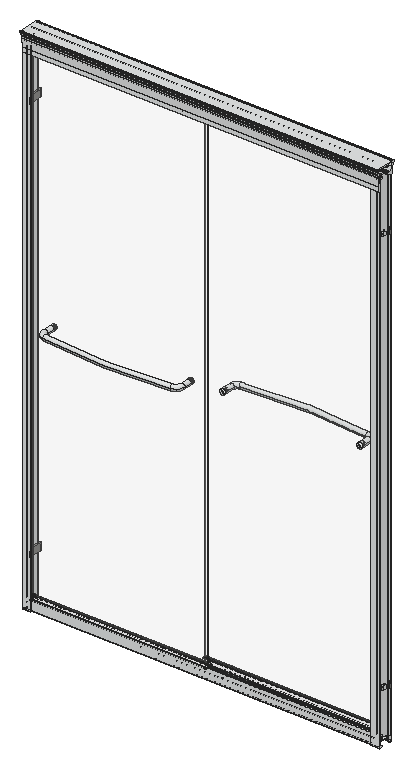
Revit family "Shower-Shower_Door-KOHLER-Fluence-K-702221", category Specialty Equipment, host Face, Revit 2021
Family settings
  Host = Face
  Round Connector Dimension = Use Diameter
  Part Type = Normal
  OmniClass Number = 23.31.17.17
  OmniClass Title = Shower Enclosures
  Cut with Voids When Loaded = No
  Shared = No
  Room Calculation Point = No
Parameters (values of type "SHP-Bright Polished Silver")
  Width [instance] = Walk thru + 27 107/128"  # 52 1/128"
  WaterSense Certified = 1 = 0  # no
  Walk thru [instance] = 24 11/64"
  URL = "https://www.us.kohler.com/us/"
  Type = 1
  Product Page URL = "https://www.us.kohler.com/us/catalog/productDetails.jsp?productId=702221-6L"
  Product Name = "Fluence"  # constant formula
  Product Documentation Link = "https://www.us.kohler.com/webassets/kpna/catalog/pdf/en/K-702221-6L_spec_US-CA_Kohler_en.pdf"
  Model = "K-702221-6L-SHP"  # constant formula
  Material = "Premium Metal Construction"  # constant formula
  Master Format 2014 Name = "Shower Doors"  # constant formula
  Master Format 2014 = "10 28 19.16"  # constant formula
  Manufacturer Address = "444 Highland Dr, Kohler, WI 53044"  # constant formula
  Manufacturer = "Kohler Co."  # constant formula
  Length = 7.24409"  # constant formula
  Height = 75 23/32"  # constant formula
  Hardware Included = 1 = 1  # yes
  Finish = Kohler-Metal-SHP-Bright_Polished_Silver
  Environmental Product Declaration = ""
  Description = "49-52 Inch W x 75-23/32 Inch H Sliding Bath Door With 1/4 Inch Thick Crystal Clear Glass"  # constant formula
  Default Elevation = 4"
  Declare Label = ""
  Date Modified = "08/21/2022"  # constant formula
  Date Created = "08/21/2022"  # constant formula
  Copyright = "Copyright Kohler Co."  # constant formula
  Contact Us = "https://www.us.kohler.com/us/static/contact.jsp"
  Assembly Code = "C1030200"
  ADA Compliant = 1 = 0  # no
Reference planes (in)
  plane 1 "Center (Front/Back)": y = 1.56652
  plane 2: z = 0
  plane 3 "Center (Left/Right)": x = 0
  plane 4: y = 5.18105
  plane 5: y = -2.06305
  plane 6: x = 19.27256
  plane 7: x = -32.73525
  plane 8: x = -6.10399
  plane 9: z = 75.71875
  plane 10: z = 72.72761
  plane 11: z = 37.69801
  plane 12: z = 1.63095
  plane 13: z = 37.32299
  plane 14: x = 18.06788
  plane 15: x = -8.55077
  plane 16: x = -29.30073
  plane 17: x = 15.45519
  plane 18: x = -4.54481
  plane 19: z = 38.07303
  plane 20: y = 3.134
  plane 21: y = 0
  plane 22: z = 66.75096
  plane 23: z = 7.5
  plane 24: z = 74.69994
Dimensions and locks (in)
  plane 5 to plane 4 = 7.24409"
  "Width": plane 6 to plane 7
  locked: plane 8 to plane 7 at 26.63125
  "Walk thru": plane 14 to plane 8
  locked: plane 7 to plane 3 "Center (Left/Right)" at 32.73525
  plane 6 to plane 14 = 1.20468"
  locked: plane 3 "Center (Left/Right)" to plane 8 at 6.10399
  locked: plane 17 to plane 6 at 3.81737
  locked: plane 18 to plane 17 at 20
  plane 16 to plane 15 = 20.74996"
  "Height": plane 9 to level
  "Length": plane 5 to plane 4
  plane 10 to plane 12 = 71.09665"
  plane 19 to plane 13 = 0.75004"
  plane 13 to level = 37.32299"
  aligned and locked: plane 2 to host face
  aligned and locked: level to host face
  aligned and locked: plane 7 to nested 1
  aligned and locked: plane 6 to nested 1
Automatic sketch dimensions
  host sketch curve to host sketch curve = 96"  (x2)
Nested families (in)
  nested 1: "K-702221" at (-2.20325, 0, 0), type "K-702221"
Definition of nested family "K-702221"
  Parameters (values of type "K-702221")
    Width = Walk Thru + 27.83465"  # 52.00787"
    Walk Thru = 24.17323"
    Material = none
    Default Elevation = 0"
  Reference planes (in)
    plane 1 "Center (Front/Back)": y = 0
    plane 2: z = 0
    plane 3 "Center (Left/Right)": x = 0
    plane 4: x = 21.47587
    plane 5: x = -30.532
    plane 6: y = 1.56652
    plane 7: y = -2.05628
    plane 8: x = 20.56887
    plane 9: y = 3.134
    plane 10: x = 20.99337
    plane 11: z = 1.63095
    plane 12: z = 37.69801
    plane 13: z = 38.07303
    plane 14: z = 37.325
    plane 15 "WALK THRU PLANE": x = -3.90075
    plane 16 "WTP1": x = 20.27248
    plane 17 "FH2": x = -26.7225
    plane 18 "FH1": x = -6.7225
    plane 19: x = -16.7225
    plane 20: y = 5.18105
    plane 21 "M1": x = -5.248
    plane 22: y = 2.15619
    plane 23: y = 1.92619
    plane 24: y = 1.20781
    plane 25: y = 0.97781
    plane 26 "M2": x = -2.3415
    plane 27: x = 17.6585
    plane 28: x = 17.4985
    plane 29 "M3": x = -2.1815
    plane 30: x = 7.65652
    plane 31: x = -6.34752
    plane 32: x = -27.09748
    plane 33: z = 7.5
    plane 34: z = 74.69901
    plane 35: z = 75.71747
    plane 36: z = 66.75003
  Forms (in)
    Extrusion 1, solid, material <- "Material", detail levels medium+fine
      sketch origin (29.093, 2.565, 0) x (0, 1, 0) y (0, 0, 1)
        loop
          line (-0.09022, 0.5137) -> (-0.22807, 0.5137)
          arc (-0.22807, 0.5137) -> (-0.25057, 0.4912) -> (-0.22807, 0.4687) r 0.0225
          line (-0.22807, 0.4687) -> (-0.06534, 0.4687)
          arc (-0.06534, 0.4687) -> (-0.05096, 0.46275) -> (-0.045, 0.44836) r 0.02034
          line (-0.045, 0.44836) -> (-0.045, 0.02241)
          arc (-0.045, 0.02241) -> (-0.0225, -0.00009) -> (0, 0.02241) r 0.0225
          line (0, 0.02241) -> (0, 0.53036) -> (-0.02, 0.565) -> (0, 0.59964) -> (0, 0.6346)
          arc (0, 0.6346) -> (-0.02337, 0.69243) -> (-0.08035, 0.71781) r 0.08326
          line (-0.08035, 0.71781) -> (-1.58747, 0.77044)
          arc (-1.58747, 0.77044) -> (-1.60203, 0.77692) -> (-1.608, 0.7917) r 0.02127
          line (-1.608, 0.7917) -> (-1.608, 0.88625)
          arc (-1.608, 0.88625) -> (-1.60222, 0.90022) -> (-1.58825, 0.906) r 0.01975
          line (-1.58825, 0.906) -> (-1.53212, 0.906)
          arc (-1.53212, 0.906) -> (-1.51817, 0.91194) -> (-1.51279, 0.92611) r 0.01935
          line (-1.51279, 0.92611) -> (-1.53698, 1.5443)
          arc (-1.53698, 1.5443) -> (-1.55307, 1.58284) -> (-1.59045, 1.60147) r 0.05985
          line (-1.59045, 1.60147) -> (-1.86846, 1.63103)
          arc (-1.86846, 1.63103) -> (-1.91436, 1.61616) -> (-1.934, 1.57209) r 0.05927
          line (-1.934, 1.57209) -> (-1.934, 0.01987)
          arc (-1.934, 0.01987) -> (-1.92818, 0.00582) -> (-1.91413, 0) r 0.01987
          line (-1.91413, 0) -> (-1.86764, 0)
          arc (-1.86764, 0) -> (-1.85362, 0.00828) -> (-1.85411, 0.02454) r 0.016
          arc (-1.85411, 0.02454) -> (-1.86729, 0.04224) -> (-1.88302, 0.05771) r 0.14406
          arc (-1.88302, 0.05771) -> (-1.8878, 0.0779) -> (-1.86988, 0.08836) r 0.01743
          arc (-1.86988, 0.08836) -> (-1.82545, 0.07962) -> (-1.78313, 0.06353) r 0.26803
          arc (-1.78313, 0.06353) -> (-1.74156, 0.07912) -> (-1.69803, 0.08787) r 0.27692
          arc (-1.69803, 0.08787) -> (-1.68058, 0.07794) -> (-1.68489, 0.05834) r 0.01692
          arc (-1.68489, 0.05834) -> (-1.70097, 0.0415) -> (-1.71379, 0.02207) r 0.13018
          arc (-1.71379, 0.02207) -> (-1.71346, 0.0073) -> (-1.7006, 0) r 0.01498
          line (-1.7006, 0) -> (-1.65471, 0)
          arc (-1.65471, 0) -> (-1.64006, 0.00606) -> (-1.634, 0.02071) r 0.02071
          line (-1.634, 0.02071) -> (-1.634, 0.08606)
          arc (-1.634, 0.08606) -> (-1.65237, 0.12719) -> (-1.69526, 0.14096) r 0.05523
          arc (-1.69526, 0.14096) -> (-1.74073, 0.13181) -> (-1.78385, 0.11476) r 0.26071
          arc (-1.78385, 0.11476) -> (-1.82519, 0.1319) -> (-1.86875, 0.14215) r 0.27697
          arc (-1.86875, 0.14215) -> (-1.88324, 0.15018) -> (-1.889, 0.16571) r 0.02382
          line (-1.889, 0.16571) -> (-1.889, 1.55999)
          arc (-1.889, 1.55999) -> (-1.88066, 1.57869) -> (-1.86118, 1.585) r 0.02516
          line (-1.86118, 1.585) -> (-1.60441, 1.5577)
          arc (-1.60441, 1.5577) -> (-1.58845, 1.54975) -> (-1.58158, 1.5333) r 0.02555
          line (-1.58158, 1.5333) -> (-1.5598, 0.9768)
          arc (-1.5598, 0.9768) -> (-1.568, 0.95699) -> (-1.58837, 0.95031) r 0.02565
          arc (-1.58837, 0.95031) -> (-1.6336, 0.93599) -> (-1.653, 0.8927) r 0.05799
          line (-1.653, 0.8927) -> (-1.653, 0.79158)
          arc (-1.653, 0.79158) -> (-1.63443, 0.74563) -> (-1.58916, 0.72547) r 0.06615
          line (-1.58916, 0.72547) -> (-0.27166, 0.67946)
          arc (-0.27166, 0.67946) -> (-0.25085, 0.6677) -> (-0.24852, 0.64391) r 0.02591
          arc (-0.24852, 0.64391) -> (-0.24647, 0.62474) -> (-0.22944, 0.6157) r 0.02056
          line (-0.22944, 0.6157) -> (-0.0898, 0.6157)
          arc (-0.0898, 0.6157) -> (-0.0758, 0.6099) -> (-0.07, 0.5959) r 0.0198
          line (-0.07, 0.5959) -> (-0.07, 0.53392)
          arc (-0.07, 0.53392) -> (-0.07592, 0.51963) -> (-0.09022, 0.5137) r 0.02022
      from -59.625 to -7.61713
    Extrusion 2, void
      sketch origin (0, 0, 0) x (0, 1, 0) y (0, 0, 1)
        loop
          line (1.00655, 1.63166) -> (0.58649, 1.66896) -> (0.58649, -0.19685) -> (2.5527, -0.19685) -> (2.5527, 0.74642) -> (1.14238, 0.79512)
          arc (1.14238, 0.79512) -> (1.10316, 0.81216) -> (1.0861, 0.85138) r 0.05833
          line (1.0861, 0.85138) -> (1.06084, 1.57438)
          arc (1.06084, 1.57438) -> (1.04453, 1.61329) -> (1.00655, 1.63166) r 0.0596
      from 20.27248 to 21.47587
    Extrusion 3, solid, material <- "Material", detail levels medium+fine
      sketch origin (0, 0, 0) x (1, 0, 0) y (0, 1, 0)
        loop
          line (-30.532, 2.615) -> (-30.532, 2.565) -> (-30.06986, 2.565)
          arc (-30.06986, 2.565) -> (-30.05582, 2.55918) -> (-30.05, 2.54514) r 0.01986
          line (-30.05, 2.54514) -> (-30.05, 0.60711)
          arc (-30.05, 0.60711) -> (-30.0562, 0.5922) -> (-30.07114, 0.58608) r 0.02103
          arc (-30.07114, 0.58608) -> (-30.30165, 0.58407) -> (-30.532, 0.57549) r 8.08435
          line (-30.532, 0.57549) -> (-30.532, 0.52591)
          arc (-30.532, 0.52591) -> (-29.94328, 0.53519) -> (-29.35471, 0.51888) r 13.54177
          arc (-29.35471, 0.51888) -> (-29.32915, 0.54196) -> (-29.35215, 0.5676) r 0.0244
          arc (-29.35215, 0.5676) -> (-29.66551, 0.58093) -> (-29.97912, 0.58597) r 11.87416
          arc (-29.97912, 0.58597) -> (-29.99389, 0.59213) -> (-30, 0.60691) r 0.02094
          line (-30, 0.60691) -> (-30, 2.573)
          arc (-30, 2.573) -> (-30.0123, 2.6027) -> (-30.042, 2.615) r 0.042
          line (-30.042, 2.615) -> (-30.532, 2.615)
      from 0 to 74.25003
    Extrusion 4, solid, material <- "Material", detail levels medium+fine
      sketch origin (0, 0, 27.55654) x (0, 1, 0) y (0, 0, 1)
        loop
          line (2.03453, 48.05856) -> (2.99224, 48.05856)
          arc (2.99224, 48.05856) -> (3.00657, 48.04968) -> (3.00499, 48.03289) r 0.016
          arc (3.00499, 48.03289) -> (2.87918, 47.82721) -> (2.7966, 47.60069) r 1.211
          arc (2.7966, 47.60069) -> (2.71637, 47.23517) -> (2.66101, 46.86508) r 5.54
          arc (2.66101, 46.86508) -> (2.65362, 46.85085) -> (2.63863, 46.84514) r 0.02252
          line (2.63863, 46.84514) -> (2.48969, 46.84514)
          arc (2.48969, 46.84514) -> (2.47471, 46.83893) -> (2.4685, 46.82394) r 0.02119
          line (2.4685, 46.82394) -> (2.4685, 46.78176)
          arc (2.4685, 46.78176) -> (2.40117, 46.76059) -> (2.33201, 46.74649) r 0.68162
          arc (2.33201, 46.74649) -> (2.26784, 46.75684) -> (2.20551, 46.7753) r 0.50723
          arc (2.20551, 46.7753) -> (2.19317, 46.78482) -> (2.1885, 46.79968) r 0.02597
          line (2.1885, 46.79968) -> (2.1885, 46.8954)
          arc (2.1885, 46.8954) -> (2.16043, 46.89503) -> (2.1465, 46.87066) r 0.02829
          line (2.1465, 46.87066) -> (2.1465, 46.80061)
          arc (2.1465, 46.80061) -> (2.15528, 46.76573) -> (2.17952, 46.73916) r 0.07368
          arc (2.17952, 46.73916) -> (2.25361, 46.70466) -> (2.33455, 46.69339) r 0.27578
          arc (2.33455, 46.69339) -> (2.43391, 46.71303) -> (2.51946, 46.76724) r 0.27556
          arc (2.51946, 46.76724) -> (2.53463, 46.7768) -> (2.55224, 46.78014) r 0.04811
          line (2.55224, 46.78014) -> (2.62922, 46.78014)
          arc (2.62922, 46.78014) -> (2.64424, 46.77359) -> (2.64968, 46.75812) r 0.02051
          arc (2.64968, 46.75812) -> (2.62367, 46.28445) -> (2.615, 45.81014) r 12.97575
          line (2.615, 45.81014) -> (2.615, 45.17014) -> (2.68, 45.17014) -> (2.68, 45.81014)
          arc (2.68, 45.81014) -> (2.69845, 46.41298) -> (2.75373, 47.01356) r 9.85743
          arc (2.75373, 47.01356) -> (2.77708, 47.16967) -> (2.80851, 47.32435) r 3.03223
          arc (2.80851, 47.32435) -> (2.83126, 47.43397) -> (2.85309, 47.54378) r 13.47898
          arc (2.85309, 47.54378) -> (2.89321, 47.68946) -> (2.95509, 47.82733) r 0.98771
          arc (2.95509, 47.82733) -> (2.99248, 47.89297) -> (3.03239, 47.95711) r 1.95097
          arc (3.03239, 47.95711) -> (3.04978, 47.98297) -> (3.06801, 48.00825) r 0.95804
          arc (3.06801, 48.00825) -> (3.09308, 48.03929) -> (3.12047, 48.0683) r 0.51768
          arc (3.12047, 48.0683) -> (3.13048, 48.08305) -> (3.134, 48.10052) r 0.04512
          line (3.134, 48.10052) -> (3.134, 48.13206)
          arc (3.134, 48.13206) -> (3.11557, 48.15677) -> (3.08477, 48.15807) r 0.03588
          arc (3.08477, 48.15807) -> (3.01387, 48.13601) -> (2.94, 48.12856) r 0.36985
          line (2.94, 48.12856) -> (0.194, 48.12856)
          arc (0.194, 48.12856) -> (0.12013, 48.13601) -> (0.04923, 48.15807) r 0.36985
          arc (0.04923, 48.15807) -> (0.01843, 48.15677) -> (0, 48.13206) r 0.03588
          line (0, 48.13206) -> (0, 48.10052)
          arc (0, 48.10052) -> (0.00352, 48.08305) -> (0.01353, 48.0683) r 0.04512
          arc (0.01353, 48.0683) -> (0.04092, 48.03929) -> (0.06599, 48.00825) r 0.51768
          arc (0.06599, 48.00825) -> (0.08422, 47.98297) -> (0.10161, 47.95711) r 0.95804
          arc (0.10161, 47.95711) -> (0.14152, 47.89297) -> (0.17891, 47.82733) r 1.95097
          arc (0.17891, 47.82733) -> (0.24079, 47.68946) -> (0.28091, 47.54378) r 0.98771
          arc (0.28091, 47.54378) -> (0.30274, 47.43397) -> (0.32549, 47.32435) r 13.47898
          arc (0.32549, 47.32435) -> (0.35692, 47.16967) -> (0.38027, 47.01356) r 3.03223
          arc (0.38027, 47.01356) -> (0.43555, 46.41298) -> (0.454, 45.81014) r 9.85743
          line (0.454, 45.81014) -> (0.454, 45.17014) -> (0.519, 45.17014) -> (0.519, 45.81014)
          arc (0.519, 45.81014) -> (0.51033, 46.28445) -> (0.48432, 46.75812) r 12.97575
          arc (0.48432, 46.75812) -> (0.48976, 46.77359) -> (0.50478, 46.78014) r 0.02051
          line (0.50478, 46.78014) -> (0.58176, 46.78014)
          arc (0.58176, 46.78014) -> (0.59937, 46.7768) -> (0.61454, 46.76724) r 0.04811
          arc (0.61454, 46.76724) -> (0.70009, 46.71303) -> (0.79945, 46.69339) r 0.27556
          arc (0.79945, 46.69339) -> (0.88039, 46.70466) -> (0.95448, 46.73916) r 0.27578
          arc (0.95448, 46.73916) -> (0.97872, 46.76573) -> (0.9875, 46.80061) r 0.07368
          line (0.9875, 46.80061) -> (0.9875, 46.87066)
          arc (0.9875, 46.87066) -> (0.97357, 46.89503) -> (0.9455, 46.8954) r 0.02829
          line (0.9455, 46.8954) -> (0.9455, 46.79968)
          arc (0.9455, 46.79968) -> (0.94083, 46.78482) -> (0.92849, 46.7753) r 0.02597
          arc (0.92849, 46.7753) -> (0.86616, 46.75684) -> (0.80199, 46.74649) r 0.50723
          arc (0.80199, 46.74649) -> (0.73283, 46.76059) -> (0.6655, 46.78176) r 0.68162
          line (0.6655, 46.78176) -> (0.6655, 46.82394)
          arc (0.6655, 46.82394) -> (0.65929, 46.83893) -> (0.64431, 46.84514) r 0.02119
          line (0.64431, 46.84514) -> (0.49537, 46.84514)
          arc (0.49537, 46.84514) -> (0.48038, 46.85085) -> (0.47299, 46.86508) r 0.02252
          arc (0.47299, 46.86508) -> (0.41763, 47.23517) -> (0.3374, 47.60069) r 5.54
          arc (0.3374, 47.60069) -> (0.25482, 47.82721) -> (0.12901, 48.03289) r 1.211
          arc (0.12901, 48.03289) -> (0.12743, 48.04968) -> (0.14176, 48.05856) r 0.016
          line (0.14176, 48.05856) -> (1.09947, 48.05856) -> (1.09947, 47.84659)
          arc (1.09947, 47.84659) -> (1.09611, 47.83144) -> (1.08667, 47.81913) r 0.03584
          line (1.08667, 47.81913) -> (1.0005, 47.74683) -> (1.0005, 47.68156) -> (1.14947, 47.80656) -> (1.14947, 48.05856) -> (1.98453, 48.05856) -> (1.98453, 47.80656) -> (2.1335, 47.68156) -> (2.1335, 47.74683) -> (2.04972, 47.81713)
          arc (2.04972, 47.81713) -> (2.03851, 47.83173) -> (2.03453, 47.8497) r 0.04252
          line (2.03453, 47.8497) -> (2.03453, 48.05856)
      from -30.532 to 21.47587
    Extrusion 5, solid, material <- "Material", detail levels medium+fine
      sketch origin (17.4985, 2.44719, 65.68793) x (0, 1, 0) y (0, 0, 1)
        loop
          line (-0.18, 7.23465) -> (-0.18, 8.27401)
          arc (-0.18, 8.27401) -> (-0.218, 8.3699) -> (-0.31136, 8.41374) r 0.14
          arc (-0.31136, 8.41374) -> (-0.35304, 8.43331) -> (-0.37, 8.47612) r 0.0625
          line (-0.37, 8.47612) -> (-0.37, 9.25601)
          arc (-0.37, 9.25601) -> (-0.41, 9.29601) -> (-0.45, 9.25601) r 0.04
          line (-0.45, 9.25601) -> (-0.45, 8.47612)
          arc (-0.45, 8.47612) -> (-0.46696, 8.43331) -> (-0.50864, 8.41374) r 0.0625
          arc (-0.50864, 8.41374) -> (-0.602, 8.3699) -> (-0.64, 8.27401) r 0.14
          line (-0.64, 8.27401) -> (-0.64, 7.23513)
          arc (-0.64, 7.23513) -> (-0.63399, 7.22013) -> (-0.61928, 7.21345) r 0.02171
          arc (-0.61928, 7.21345) -> (-0.59514, 7.22249) -> (-0.585, 7.2462) r 0.03279
          line (-0.585, 7.2462) -> (-0.545, 7.2462) -> (-0.545, 8.27409)
          arc (-0.545, 8.27409) -> (-0.51867, 8.33767) -> (-0.45509, 8.36401) r 0.08991
          line (-0.45509, 8.36401) -> (-0.37573, 8.36401)
          arc (-0.37573, 8.36401) -> (-0.31582, 8.33919) -> (-0.291, 8.27928) r 0.08473
          line (-0.291, 8.27928) -> (-0.291, 7.2462) -> (-0.235, 7.2462)
          arc (-0.235, 7.2462) -> (-0.22436, 7.22202) -> (-0.19933, 7.21354) r 0.03279
          arc (-0.19933, 7.21354) -> (-0.18556, 7.22034) -> (-0.18, 7.23465) r 0.02119
      from 0.625 to -0.625
    Extrusion 6, solid, material <- "Material", detail levels medium+fine
      sketch origin (-26.5625, 0.91681, 65.68793) x (0, 1, 0) y (0, 0, 1)
        loop
          arc (-0.05096, 7.23465) -> (-0.04539, 7.22034) -> (-0.03162, 7.21354) r 0.02119
          arc (-0.03162, 7.21354) -> (-0.0066, 7.22202) -> (0.00404, 7.2462) r 0.03279
          line (0.00404, 7.2462) -> (0.06004, 7.2462) -> (0.06004, 8.27928)
          arc (0.06004, 8.27928) -> (0.08486, 8.33919) -> (0.14477, 8.36401) r 0.08473
          line (0.14477, 8.36401) -> (0.22413, 8.36401)
          arc (0.22413, 8.36401) -> (0.28771, 8.33767) -> (0.31404, 8.27409) r 0.08991
          line (0.31404, 8.27409) -> (0.31404, 7.2462) -> (0.35404, 7.2462)
          arc (0.35404, 7.2462) -> (0.36418, 7.22249) -> (0.38832, 7.21345) r 0.03279
          arc (0.38832, 7.21345) -> (0.40303, 7.22013) -> (0.40904, 7.23513) r 0.02171
          line (0.40904, 7.23513) -> (0.40904, 8.27401)
          arc (0.40904, 8.27401) -> (0.37105, 8.3699) -> (0.27768, 8.41374) r 0.14
          arc (0.27768, 8.41374) -> (0.236, 8.43331) -> (0.21904, 8.47612) r 0.0625
          line (0.21904, 8.47612) -> (0.21904, 9.25601)
          arc (0.21904, 9.25601) -> (0.17904, 9.29601) -> (0.13904, 9.25601) r 0.04
          line (0.13904, 9.25601) -> (0.13904, 8.47612)
          arc (0.13904, 8.47612) -> (0.12208, 8.43331) -> (0.0804, 8.41374) r 0.0625
          arc (0.0804, 8.41374) -> (-0.01296, 8.3699) -> (-0.05096, 8.27401) r 0.14
          line (-0.05096, 8.27401) -> (-0.05096, 7.23465)
      from -0.625 to 0.625
    Revolve 7, solid, material <- "Material", detail levels medium+fine
      sketch origin (-26.5625, 0.91681, 65.68793) x (0, 1, 0) y (0, 0, 1)
        loop
          line (0.12505, 9.2303) -> (0.015, 9.2303) -> (0.015, 9.35664) -> (-0.01506, 9.3867) -> (-0.20491, 9.3867) -> (-0.235, 9.35661) -> (-0.235, 9.01108) -> (0.14906, 9.01108) -> (0.14906, 9.20629) -> (0.12505, 9.2303)
        axis (0.14906, 9.01108) -> (-0.235, 9.01108)
      angle from 0 to 360
    Revolve 8, solid, material <- "Material", detail levels medium+fine
      sketch origin (17.4985, 2.44719, 65.68793) x (0, 1, 0) y (0, 0, 1)
        loop
          line (-0.35601, 9.2303) -> (-0.38002, 9.20629) -> (-0.38002, 9.01108) -> (0.00404, 9.01108) -> (0.00404, 9.35661) -> (-0.02605, 9.3867) -> (-0.2159, 9.3867) -> (-0.24596, 9.35664) -> (-0.24596, 9.2303) -> (-0.35601, 9.2303)
        axis (-0.38002, 9.01108) -> (0.00404, 9.01108)
      angle from 0 to 360
    Extrusion 9, solid
      sketch origin (0, 0, 0) x (1, 0, 0) y (0, 1, 0)
        loop
          spline (-29.52603, 1.20781) -> (-29.53134, 1.20017) -> (-29.53629, 1.19205) -> (-29.54087, 1.18348) -> (-29.54505, 1.17449) -> (-29.54882, 1.16514) -> (-29.55217, 1.15545) -> (-29.55507, 1.14547) -> (-29.55751, 1.13524) -> (-29.55949, 1.12481) -> (-29.561, 1.11422) -> (-29.56202, 1.10352) -> (-29.56256, 1.09275)
          spline (-29.56256, 1.09275) -> (-29.56215, 1.08199) -> (-29.56123, 1.0713) -> (-29.55981, 1.06072) -> (-29.55788, 1.0503) -> (-29.55547, 1.04009) -> (-29.55258, 1.03012) -> (-29.54923, 1.02044) -> (-29.54542, 1.01109) -> (-29.54118, 1.00212) -> (-29.53652, 0.99355) -> (-29.53146, 0.98544) -> (-29.52603, 0.97781)
          line (-29.52603, 0.97781) -> (-3.93768, 0.97781)
          spline (-3.93768, 0.97781) -> (-3.92686, 0.99334) -> (-3.91771, 1.01081) -> (-3.91039, 1.02987) -> (-3.90507, 1.05016) -> (-3.90183, 1.07128) -> (-3.90075, 1.09281) -> (-3.90183, 1.11434) -> (-3.90507, 1.13546) -> (-3.9104, 1.15574) -> (-3.91771, 1.1748) -> (-3.92686, 1.19227) -> (-3.93768, 1.20781)
          line (-3.93768, 1.20781) -> (-29.52603, 1.20781)
      from 1.38601 to 74.01201
    Extrusion 10, solid
      sketch origin (0, 0, 0) x (0, 1, 0) y (0, 0, 1)
        loop
          line (1.82555, 1.89817) -> (1.54335, 1.44917)
          arc (1.54335, 1.44917) -> (1.55121, 1.4147) -> (1.58568, 1.42257) r 0.025
          line (1.58568, 1.42257) -> (1.858, 1.85583)
          arc (1.858, 1.85583) -> (1.87293, 1.86129) -> (1.88195, 1.8482) r 0.01298
          line (1.88195, 1.8482) -> (1.85669, 1.39636)
          arc (1.85669, 1.39636) -> (1.87223, 1.35389) -> (1.91377, 1.33601) r 0.05717
          line (1.91377, 1.33601) -> (2.16947, 1.33601)
          arc (2.16947, 1.33601) -> (2.21042, 1.35364) -> (2.22574, 1.39551) r 0.05636
          line (2.22574, 1.39551) -> (2.20098, 1.83834)
          arc (2.20098, 1.83834) -> (2.21177, 1.854) -> (2.22964, 1.84747) r 0.01553
          line (2.22964, 1.84747) -> (2.49731, 1.4216)
          arc (2.49731, 1.4216) -> (2.53178, 1.41374) -> (2.53964, 1.44821) r 0.025
          line (2.53964, 1.44821) -> (2.25616, 1.89924)
          arc (2.25616, 1.89924) -> (2.1896, 1.92358) -> (2.1494, 1.86522) r 0.05786
          line (2.1494, 1.86522) -> (2.15143, 1.82892)
          arc (2.15143, 1.82892) -> (2.13228, 1.80782) -> (2.15366, 1.78898) r 0.02
          line (2.15366, 1.78898) -> (2.15757, 1.71909)
          arc (2.15757, 1.71909) -> (2.13871, 1.69801) -> (2.1598, 1.67915) r 0.02
          line (2.1598, 1.67915) -> (2.16371, 1.60926)
          arc (2.16371, 1.60926) -> (2.14508, 1.58819) -> (2.16594, 1.56933) r 0.02
          line (2.16594, 1.56933) -> (2.17505, 1.40639)
          arc (2.17505, 1.40639) -> (2.1698, 1.39205) -> (2.15578, 1.38601) r 0.0193
          line (2.15578, 1.38601) -> (1.92695, 1.38601)
          arc (1.92695, 1.38601) -> (1.91269, 1.39215) -> (1.90735, 1.40673) r 0.01963
          line (1.90735, 1.40673) -> (1.91644, 1.56933)
          arc (1.91644, 1.56933) -> (1.93809, 1.58815) -> (1.91867, 1.60926) r 0.02001
          line (1.91867, 1.60926) -> (1.92258, 1.67915)
          arc (1.92258, 1.67915) -> (1.94359, 1.69801) -> (1.92481, 1.71909) r 0.02
          line (1.92481, 1.71909) -> (1.92872, 1.78898)
          arc (1.92872, 1.78898) -> (1.9497, 1.80784) -> (1.93095, 1.82892) r 0.02
          line (1.93095, 1.82892) -> (1.93291, 1.86396)
          arc (1.93291, 1.86396) -> (1.89248, 1.92265) -> (1.82555, 1.89817) r 0.05819
      from -5.248 to 20.56887
    Extrusion 11, solid
      sketch origin (0, 0, 0) x (0, 1, 0) y (0, 0, 1)
        loop
          line (0.8773, 1.89817) -> (0.59509, 1.44917)
          arc (0.59509, 1.44917) -> (0.60296, 1.4147) -> (0.63743, 1.42257) r 0.025
          line (0.63743, 1.42257) -> (0.90974, 1.85583)
          arc (0.90974, 1.85583) -> (0.92467, 1.86129) -> (0.9337, 1.8482) r 0.01298
          line (0.9337, 1.8482) -> (0.90843, 1.39636)
          arc (0.90843, 1.39636) -> (0.92398, 1.35389) -> (0.96551, 1.33601) r 0.05717
          line (0.96551, 1.33601) -> (1.22121, 1.33601)
          arc (1.22121, 1.33601) -> (1.26216, 1.35364) -> (1.27748, 1.39551) r 0.05636
          line (1.27748, 1.39551) -> (1.25272, 1.83834)
          arc (1.25272, 1.83834) -> (1.26351, 1.854) -> (1.28138, 1.84747) r 0.01553
          line (1.28138, 1.84747) -> (1.54905, 1.4216)
          arc (1.54905, 1.4216) -> (1.58352, 1.41374) -> (1.59138, 1.44821) r 0.025
          line (1.59138, 1.44821) -> (1.3079, 1.89924)
          arc (1.3079, 1.89924) -> (1.24134, 1.92358) -> (1.20114, 1.86522) r 0.05786
          line (1.20114, 1.86522) -> (1.20317, 1.82892)
          arc (1.20317, 1.82892) -> (1.18402, 1.80782) -> (1.2054, 1.78898) r 0.02
          line (1.2054, 1.78898) -> (1.20931, 1.71909)
          arc (1.20931, 1.71909) -> (1.19045, 1.69801) -> (1.21154, 1.67915) r 0.02
          line (1.21154, 1.67915) -> (1.21545, 1.60926)
          arc (1.21545, 1.60926) -> (1.19682, 1.58819) -> (1.21768, 1.56933) r 0.02
          line (1.21768, 1.56933) -> (1.22679, 1.40639)
          arc (1.22679, 1.40639) -> (1.22155, 1.39205) -> (1.20752, 1.38601) r 0.0193
          line (1.20752, 1.38601) -> (0.97869, 1.38601)
          arc (0.97869, 1.38601) -> (0.96443, 1.39215) -> (0.95909, 1.40673) r 0.01963
          line (0.95909, 1.40673) -> (0.96818, 1.56933)
          arc (0.96818, 1.56933) -> (0.98983, 1.58815) -> (0.97041, 1.60926) r 0.02001
          line (0.97041, 1.60926) -> (0.97432, 1.67915)
          arc (0.97432, 1.67915) -> (0.99533, 1.69801) -> (0.97656, 1.71909) r 0.02
          line (0.97656, 1.71909) -> (0.98046, 1.78898)
          arc (0.98046, 1.78898) -> (1.00144, 1.80784) -> (0.9827, 1.82892) r 0.02
          line (0.9827, 1.82892) -> (0.98465, 1.86396)
          arc (0.98465, 1.86396) -> (0.94423, 1.92265) -> (0.8773, 1.89817) r 0.05819
      from -29.6249 to -3.816
    Extrusion 12, solid
      sketch origin (0, 0.94838, 0) x (1, 0, 0) y (0, 1, 0)
        loop
          spline (-5.14962, 1.20781) -> (-5.15493, 1.20017) -> (-5.15988, 1.19205) -> (-5.16446, 1.18348) -> (-5.16864, 1.17449) -> (-5.17242, 1.16514) -> (-5.17576, 1.15545) -> (-5.17866, 1.14547) -> (-5.18111, 1.13524) -> (-5.18309, 1.12481) -> (-5.18459, 1.11422) -> (-5.18561, 1.10352) -> (-5.18615, 1.09275)
          spline (-5.18615, 1.09275) -> (-5.18574, 1.08199) -> (-5.18482, 1.0713) -> (-5.1834, 1.06072) -> (-5.18148, 1.0503) -> (-5.17907, 1.04009) -> (-5.17618, 1.03012) -> (-5.17282, 1.02044) -> (-5.16901, 1.01109) -> (-5.16477, 1.00212) -> (-5.16011, 0.99355) -> (-5.15505, 0.98544) -> (-5.14962, 0.97781)
          line (-5.14962, 0.97781) -> (20.46942, 0.97781)
          spline (20.46942, 0.97781) -> (20.48024, 0.99334) -> (20.48939, 1.01081) -> (20.4967, 1.02987) -> (20.50203, 1.05016) -> (20.50527, 1.07128) -> (20.50635, 1.09281) -> (20.50527, 1.11434) -> (20.50203, 1.13546) -> (20.4967, 1.15574) -> (20.48939, 1.1748) -> (20.48024, 1.19227) -> (20.46942, 1.20781)
          line (20.46942, 1.20781) -> (-5.14962, 1.20781)
      from 1.38601 to 74.01201
    Sweep 13, solid, material <- "Material"
      path origin (0, 0.23733, 37.69801) x (-1, 0, 0) y (0, -1, 0)
        loop
          line (-17.6585, -1.95117) -> (-17.6585, -3.07913)
          arc (-17.6585, -3.07913) -> (-17.44514, -3.64841) -> (-16.91018, -3.93722) r 0.86614
          arc (-16.91018, -3.93722) -> (-7.6585, -4.56942) -> (1.59317, -3.93727) r 68.01364
          arc (1.59317, -3.93727) -> (2.12814, -3.64846) -> (2.3415, -3.07918) r 0.86614
          line (2.3415, -3.07918) -> (2.3415, -1.95137)
      profile origin (-2.3415, 2.1887, 37.69801) x (1, 0, 0) y (0, 0, 1)
        loop
          circle (0, 0) r 0.37503
    Extrusion 14, solid, material <- "Material", detail levels medium+fine
      sketch origin (28.586, 1.56956, 56.562) x (1, 0, 0) y (0, 1, 0)
        loop
          line (-7.11013, 1.0395) -> (-7.60063, 1.0395)
          arc (-7.60063, 1.0395) -> (-7.63033, 1.0272) -> (-7.64263, 0.9975) r 0.042
          line (-7.64263, 0.9975) -> (-7.64263, -0.96859)
          arc (-7.64263, -0.96859) -> (-7.64874, -0.98337) -> (-7.66351, -0.98953) r 0.02094
          arc (-7.66351, -0.98953) -> (-7.97712, -0.99457) -> (-8.29048, -1.0079) r 11.87416
          arc (-8.29048, -1.0079) -> (-8.31348, -1.03354) -> (-8.28792, -1.05662) r 0.0244
          arc (-8.28792, -1.05662) -> (-7.69935, -1.04031) -> (-7.11063, -1.04959) r 13.54177
          line (-7.11063, -1.04959) -> (-7.11063, -1.00001)
          arc (-7.11063, -1.00001) -> (-7.34098, -0.99143) -> (-7.57149, -0.98942) r 8.08435
          arc (-7.57149, -0.98942) -> (-7.58643, -0.9833) -> (-7.59263, -0.96839) r 0.02103
          line (-7.59263, -0.96839) -> (-7.59263, 0.96964)
          arc (-7.59263, 0.96964) -> (-7.58681, 0.98368) -> (-7.57277, 0.9895) r 0.01986
          line (-7.57277, 0.9895) -> (-7.11013, 0.9895) -> (-7.11013, 1.0395)
      from -56.562 to 17.68803
    Extrusion 15, void
      sketch origin (-66.88633, 0.00406, 0) x (0, 1, 0) y (0, 0, 1)
        loop
          line (1.00655, 1.63166) -> (0.58855, 1.66877) -> (0.58855, -0.19685) -> (2.54039, -0.19685) -> (2.54039, 0.74685) -> (1.14238, 0.79512)
          arc (1.14238, 0.79512) -> (1.10316, 0.81216) -> (1.0861, 0.85138) r 0.05833
          line (1.0861, 0.85138) -> (1.06084, 1.57438)
          arc (1.06084, 1.57438) -> (1.04453, 1.61329) -> (1.00655, 1.63166) r 0.0596
      from 36.35433 to 37.73228
    Revolve 16, solid, material <- "Material"
      sketch origin (0, 0.23733, 37.69801) x (-1, 0, 0) y (0, -1, 0)
        loop
          line (26.9285, -1.11548) -> (26.9285, -1.02248) -> (26.7225, -1.02248) -> (26.7225, -1.33206)
          arc (26.7225, -1.33206) -> (26.81911, -1.32675) -> (26.91455, -1.3109) r 0.88222
          arc (26.91455, -1.3109) -> (26.96465, -1.29816) -> (27.01391, -1.28248) r 0.87371
          arc (27.01391, -1.28248) -> (27.07452, -1.23678) -> (27.09756, -1.16444) r 0.12511
          line (27.09756, -1.16444) -> (27.09756, -1.11548) -> (26.9285, -1.11548)
        axis (26.7225, -1.02248) -> (26.7225, -1.33206)
      angle from 0 to 360
    Extrusion 17, solid, detail levels medium+fine
      sketch origin (0, 0, 0) x (1, 0, 0) y (0, 1, 0)
        loop
          line (-29.86714, 2.80291) -> (-30.45149, 2.68382)
          arc (-30.45149, 2.68382) -> (-30.47914, 2.64627) -> (-30.44455, 2.615) r 0.03476
          line (-30.44455, 2.615) -> (-29.99032, 2.615)
          arc (-29.99032, 2.615) -> (-29.95262, 2.59938) -> (-29.937, 2.56168) r 0.05332
          line (-29.937, 2.56168) -> (-29.937, 0.62154) -> (-29.5625, 0.615) -> (-29.5625, 2.5541)
          arc (-29.5625, 2.5541) -> (-29.6558, 2.75077) -> (-29.86714, 2.80291) r 0.25393
      from 7 to 8
    Extrusion 18, solid, detail levels medium+fine
      sketch origin (0, 0, 66.72289) x (1, 0, 0) y (0, 1, 0)
        loop
          line (-29.86714, 2.80291) -> (-30.45149, 2.68382)
          arc (-30.45149, 2.68382) -> (-30.47914, 2.64627) -> (-30.44455, 2.615) r 0.03476
          line (-30.44455, 2.615) -> (-29.99032, 2.615)
          arc (-29.99032, 2.615) -> (-29.95262, 2.59938) -> (-29.937, 2.56168) r 0.05332
          line (-29.937, 2.56168) -> (-29.937, 0.62154) -> (-29.5625, 0.615) -> (-29.5625, 2.5541)
          arc (-29.5625, 2.5541) -> (-29.6558, 2.75077) -> (-29.86714, 2.80291) r 0.25393
      from -0.47462 to 0.5302
    Extrusion 19, solid, detail levels medium+fine
      sketch origin (0, 0, 66.72289) x (-1, 0, 0) y (0, -1, 0)
        loop
          arc (-20.79035, -2.80291) -> (-20.57901, -2.75077) -> (-20.4857, -2.5541) r 0.25393
          line (-20.4857, -2.5541) -> (-20.4857, -0.615) -> (-20.8602, -0.62154) -> (-20.8602, -2.56168)
          arc (-20.8602, -2.56168) -> (-20.87582, -2.59938) -> (-20.91352, -2.615) r 0.05332
          line (-20.91352, -2.615) -> (-21.36776, -2.615)
          arc (-21.36776, -2.615) -> (-21.40234, -2.64627) -> (-21.3747, -2.68382) r 0.03476
          line (-21.3747, -2.68382) -> (-20.79035, -2.80291)
      from -0.47462 to 0.5302
    Extrusion 20, solid, detail levels medium+fine
      sketch origin (0, 0, 15.97773) x (0, 1, 0) y (1, 0, 0)
        loop
          line (2.80291, 20.79035) -> (2.68382, 21.3747)
          arc (2.68382, 21.3747) -> (2.64627, 21.40234) -> (2.615, 21.36776) r 0.03476
          line (2.615, 21.36776) -> (2.615, 20.91352)
          arc (2.615, 20.91352) -> (2.59938, 20.87582) -> (2.56168, 20.8602) r 0.05332
          line (2.56168, 20.8602) -> (0.62154, 20.8602) -> (0.615, 20.4857) -> (2.5541, 20.4857)
          arc (2.5541, 20.4857) -> (2.75077, 20.57901) -> (2.80291, 20.79035) r 0.25393
      from 7.97773 to 8.97773
    Extrusion 21, solid, material <- "Material", detail levels medium+fine
      sketch origin (20.99337, 1.65731, 65.68804) x (0, 1, 0) y (0, 0, 1)
        loop
          arc (-0.2011, 1.30448) -> (-0.28823, 1.26838) -> (-0.32433, 1.18125) r 0.12323
          line (-0.32433, 1.18125) -> (-0.32433, 0.94274)
          arc (-0.32433, 0.94274) -> (-0.28823, 0.8556) -> (-0.2011, 0.81951) r 0.12323
          line (-0.2011, 0.81951) -> (0.03753, 0.81951)
          arc (0.03753, 0.81951) -> (0.12466, 0.8556) -> (0.16075, 0.94274) r 0.12323
          line (0.16075, 0.94274) -> (0.16075, 1.18122)
          arc (0.16075, 1.18122) -> (0.12465, 1.26838) -> (0.0375, 1.30448) r 0.12325
          line (0.0375, 1.30448) -> (-0.2011, 1.30448)
      from 0 to 0.41833
    Extrusion 22, solid, material <- "Material", detail levels medium+fine
      sketch origin (20.99337, 1.65731, 48) x (0, 1, 0) y (0, 0, 1)
        loop
          arc (-0.2011, -40.25752) -> (-0.28823, -40.29361) -> (-0.32433, -40.38075) r 0.12323
          line (-0.32433, -40.38075) -> (-0.32433, -40.61925)
          arc (-0.32433, -40.61925) -> (-0.28823, -40.70639) -> (-0.2011, -40.74248) r 0.12323
          line (-0.2011, -40.74248) -> (0.03753, -40.74248)
          arc (0.03753, -40.74248) -> (0.12466, -40.70639) -> (0.16075, -40.61925) r 0.12323
          line (0.16075, -40.61925) -> (0.16075, -40.38077)
          arc (0.16075, -40.38077) -> (0.12465, -40.29362) -> (0.0375, -40.25752) r 0.12325
          line (0.0375, -40.25752) -> (-0.2011, -40.25752)
      from 0 to 0.41833
    Extrusion 23, solid, material <- "Material", detail levels medium+fine
      sketch origin (-30, 1.78768, 65.68804) x (0, 1, 0) y (0, 0, 1)
        loop
          arc (-0.33146, 1.30448) -> (-0.4186, 1.26838) -> (-0.45469, 1.18125) r 0.12323
          line (-0.45469, 1.18125) -> (-0.45469, 0.94274)
          arc (-0.45469, 0.94274) -> (-0.4186, 0.8556) -> (-0.33146, 0.81951) r 0.12323
          line (-0.33146, 0.81951) -> (-0.09284, 0.81951)
          arc (-0.09284, 0.81951) -> (-0.00571, 0.8556) -> (0.03039, 0.94274) r 0.12323
          line (0.03039, 0.94274) -> (0.03039, 1.18122)
          arc (0.03039, 1.18122) -> (-0.00571, 1.26838) -> (-0.09286, 1.30448) r 0.12325
          line (-0.09286, 1.30448) -> (-0.33146, 1.30448)
      from 0 to -0.4885
    Extrusion 24, solid, material <- "Material", detail levels medium+fine
      sketch origin (-30, 1.78768, 48) x (0, 1, 0) y (0, 0, 1)
        loop
          arc (-0.33146, -40.25752) -> (-0.4186, -40.29361) -> (-0.45469, -40.38075) r 0.12323
          line (-0.45469, -40.38075) -> (-0.45469, -40.61925)
          arc (-0.45469, -40.61925) -> (-0.4186, -40.70639) -> (-0.33146, -40.74248) r 0.12323
          line (-0.33146, -40.74248) -> (-0.09284, -40.74248)
          arc (-0.09284, -40.74248) -> (-0.00571, -40.70639) -> (0.03039, -40.61925) r 0.12323
          line (0.03039, -40.61925) -> (0.03039, -40.38077)
          arc (0.03039, -40.38077) -> (-0.00571, -40.29362) -> (-0.09286, -40.25752) r 0.12325
          line (-0.09286, -40.25752) -> (-0.33146, -40.25752)
      from 0 to -0.4885
    Extrusion 25, solid, detail levels medium+fine
      sketch origin (0, 0, 0) x (0, 1, 0) y (0, 0, 1)
        loop
          line (2.43945, 0.79943) -> (2.02062, 0.81406)
          arc (2.02062, 0.81406) -> (1.97427, 0.83421) -> (1.95412, 0.88056) r 0.06895
          line (1.95412, 0.88056) -> (1.93061, 1.55384)
          arc (1.93061, 1.55384) -> (1.91287, 1.59368) -> (1.87243, 1.61003) r 0.05822
          line (1.87243, 1.61003) -> (1.76398, 1.61003)
          arc (1.76398, 1.61003) -> (1.72634, 1.59482) -> (1.70982, 1.55772) r 0.05419
          line (1.70982, 1.55772) -> (1.68665, 0.89421)
          arc (1.68665, 0.89421) -> (1.66493, 0.84654) -> (1.61586, 0.82819) r 0.06844
          line (1.61586, 0.82819) -> (1.09033, 0.84655)
          arc (1.09033, 0.84655) -> (1.06923, 0.85201) -> (1.05242, 0.86589) r 0.0503
          arc (1.05242, 0.86589) -> (1.02188, 0.88795) -> (0.98428, 0.8902) r 0.06747
          line (0.98428, 0.8902) -> (0.98082, 0.79106)
          arc (0.98082, 0.79106) -> (0.98638, 0.7762) -> (1.00081, 0.76962) r 0.02073
          line (1.00081, 0.76962) -> (2.48477, 0.7178)
          arc (2.48477, 0.7178) -> (2.5414, 0.69274) -> (2.56498, 0.63547) r 0.08311
          line (2.56498, 0.63547) -> (2.56908, 0.16565)
          arc (2.56908, 0.16565) -> (2.57523, 0.15106) -> (2.58988, 0.14503) r 0.02081
          line (2.58988, 0.14503) -> (2.65428, 0.14503) -> (2.65428, 1.54855)
          arc (2.65428, 1.54855) -> (2.59282, 1.6111) -> (2.52921, 1.55074) r 0.06255
          line (2.52921, 1.55074) -> (2.50511, 0.86067)
          arc (2.50511, 0.86067) -> (2.48496, 0.81645) -> (2.43945, 0.79943) r 0.06349
      from -2.03082 to 0.968
    Extrusion 26, solid, material <- "Material", detail levels coarse
      sketch origin (0, 0, -7.312) x (0, 1, 0) y (0, 0, 1)
        loop
          line (3.134, 83.02898) -> (-0.00096, 83.02898) -> (-0.00096, 82.96586)
          arc (-0.00096, 82.96586) -> (0.29033, 82.16467) -> (0.4319, 81.32401) r 4.69349
          line (0.4319, 81.32401) -> (2.70115, 81.32401)
          arc (2.70115, 81.32401) -> (2.84271, 82.16467) -> (3.134, 82.96586) r 4.69349
          line (3.134, 82.96586) -> (3.134, 83.02898)
        loop
          line (0.48811, 7.312) -> (2.65288, 7.312) -> (2.65288, 8.69801) -> (0.48811, 8.69801) -> (0.48811, 7.312)
      from -30.532 to 21.47587
    Extrusion 27, solid, material <- "Material", detail levels coarse
      sketch origin (0, 0, 0) x (1, 0, 0) y (0, 1, 0)
        loop
          line (-30.532, 2.62605) -> (-30.532, 0.51399) -> (-29.56628, 0.51399) -> (-29.56628, 2.62605) -> (-30.532, 2.62605)
        loop
          line (21.47587, 0.51378) -> (21.47587, 2.62605) -> (20.50582, 2.62605) -> (20.50582, 0.51378) -> (21.47587, 0.51378)
      from 1.38601 to 74.01201
    Revolve 28, solid, material <- "Material"
      sketch origin (-1.09805, 0.23579, 37.69801) x (-1, 0, 0) y (0, -1, 0)
        loop
          line (-19.13161, -1.49913) -> (-19.13161, -1.54386) -> (-18.96255, -1.54386) -> (-18.96255, -1.63686) -> (-18.75655, -1.63686) -> (-18.75655, -1.32807)
          arc (-18.75655, -1.32807) -> (-18.90278, -1.33994) -> (-19.04518, -1.37524) r 0.90662
          arc (-19.04518, -1.37524) -> (-19.09722, -1.40876) -> (-19.12701, -1.46303) r 0.12596
          arc (-19.12701, -1.46303) -> (-19.13045, -1.48093) -> (-19.13161, -1.49913) r 0.1438
        axis (-18.75655, -1.63686) -> (-18.75655, -1.32807)
      angle from 0 to 360
    Extrusion 29, solid, material <- "Material", detail levels medium+fine
      sketch origin (-2.1815, 2.44671, 53.688) x (0, -1, 0) y (0, 0, 1)
        loop
          arc (0.17952, 19.23458) -> (0.18508, 19.22026) -> (0.19885, 19.21347) r 0.02119
          arc (0.19885, 19.21347) -> (0.22388, 19.22195) -> (0.23452, 19.24613) r 0.03279
          line (0.23452, 19.24613) -> (0.29052, 19.24613) -> (0.29052, 20.2792)
          arc (0.29052, 20.2792) -> (0.31534, 20.33912) -> (0.37525, 20.36393) r 0.08473
          line (0.37525, 20.36393) -> (0.45461, 20.36393)
          arc (0.45461, 20.36393) -> (0.51819, 20.3376) -> (0.54452, 20.27402) r 0.08991
          line (0.54452, 20.27402) -> (0.54452, 19.24613) -> (0.58452, 19.24613)
          arc (0.58452, 19.24613) -> (0.59466, 19.22242) -> (0.6188, 19.21337) r 0.03279
          arc (0.6188, 19.21337) -> (0.63351, 19.22006) -> (0.63952, 19.23506) r 0.02171
          line (0.63952, 19.23506) -> (0.63952, 20.27393)
          arc (0.63952, 20.27393) -> (0.60153, 20.36982) -> (0.50816, 20.41367) r 0.14
          arc (0.50816, 20.41367) -> (0.46648, 20.43324) -> (0.44952, 20.47605) r 0.0625
          line (0.44952, 20.47605) -> (0.44952, 21.25593)
          arc (0.44952, 21.25593) -> (0.40952, 21.29593) -> (0.36952, 21.25593) r 0.04
          line (0.36952, 21.25593) -> (0.36952, 20.47605)
          arc (0.36952, 20.47605) -> (0.35256, 20.43324) -> (0.31088, 20.41367) r 0.0625
          arc (0.31088, 20.41367) -> (0.21752, 20.36982) -> (0.17952, 20.27393) r 0.14
          line (0.17952, 20.27393) -> (0.17952, 19.23458)
      from 0.62598 to -0.62598
    Revolve 30, solid, material <- "Material", detail levels medium+fine
      sketch origin (-2.1815, 2.44671, 53.688) x (0, -1, 0) y (0, 0, 1)
        loop
          line (0.35553, 21.23022) -> (0.24548, 21.23022) -> (0.24548, 21.35657) -> (0.21542, 21.38663) -> (0.02557, 21.38663) -> (-0.00452, 21.35654) -> (-0.00452, 21.01101) -> (0.37954, 21.01101) -> (0.37954, 21.20621) -> (0.35553, 21.23022)
        axis (0.37954, 21.01101) -> (-0.00452, 21.01101)
      angle from 0 to 360
    Revolve 31, solid, material <- "Material"
      sketch origin (-21.09805, 0.23733, 37.69801) x (-1, 0, 0) y (0, -1, 0)
        loop
          line (-19.13161, -1.49913) -> (-19.13161, -1.54386) -> (-18.96255, -1.54386) -> (-18.96255, -1.63686) -> (-18.75655, -1.63686) -> (-18.75655, -1.32807)
          arc (-18.75655, -1.32807) -> (-18.90278, -1.33994) -> (-19.04518, -1.37524) r 0.90662
          arc (-19.04518, -1.37524) -> (-19.09722, -1.40876) -> (-19.12701, -1.46303) r 0.12596
          arc (-19.12701, -1.46303) -> (-19.13045, -1.48093) -> (-19.13161, -1.49913) r 0.1438
        axis (-18.75655, -1.63686) -> (-18.75655, -1.32807)
      angle from 0 to 360
    Extrusion 32, solid, material <- "Material", detail levels medium+fine
      sketch origin (-6.7225, 0.91681, 65.68793) x (0, 1, 0) y (0, 0, -1)
        loop
          line (-0.05096, -7.23465) -> (-0.05096, -8.27401)
          arc (-0.05096, -8.27401) -> (-0.01296, -8.3699) -> (0.0804, -8.41374) r 0.14
          arc (0.0804, -8.41374) -> (0.12208, -8.43331) -> (0.13904, -8.47612) r 0.0625
          line (0.13904, -8.47612) -> (0.13904, -9.25601)
          arc (0.13904, -9.25601) -> (0.17904, -9.29601) -> (0.21904, -9.25601) r 0.04
          line (0.21904, -9.25601) -> (0.21904, -8.47612)
          arc (0.21904, -8.47612) -> (0.236, -8.43331) -> (0.27768, -8.41374) r 0.0625
          arc (0.27768, -8.41374) -> (0.37105, -8.3699) -> (0.40904, -8.27401) r 0.14
          line (0.40904, -8.27401) -> (0.40904, -7.23513)
          arc (0.40904, -7.23513) -> (0.40303, -7.22013) -> (0.38832, -7.21345) r 0.02171
          arc (0.38832, -7.21345) -> (0.36418, -7.22249) -> (0.35404, -7.2462) r 0.03279
          line (0.35404, -7.2462) -> (0.31404, -7.2462) -> (0.31404, -8.27409)
          arc (0.31404, -8.27409) -> (0.28771, -8.33767) -> (0.22413, -8.36401) r 0.08991
          line (0.22413, -8.36401) -> (0.14477, -8.36401)
          arc (0.14477, -8.36401) -> (0.08486, -8.33919) -> (0.06004, -8.27928) r 0.08473
          line (0.06004, -8.27928) -> (0.06004, -7.2462) -> (0.00404, -7.2462)
          arc (0.00404, -7.2462) -> (-0.0066, -7.22202) -> (-0.03162, -7.21354) r 0.03279
          arc (-0.03162, -7.21354) -> (-0.04539, -7.22034) -> (-0.05096, -7.23465) r 0.02119
      from -0.465 to 0.785
    Revolve 33, solid, material <- "Material", detail levels medium+fine
      sketch origin (-6.7225, 0.91681, 65.68793) x (0, 1, 0) y (0, 0, -1)
        loop
          line (0.12505, -9.2303) -> (0.14906, -9.20629) -> (0.14906, -9.01108) -> (-0.235, -9.01108) -> (-0.235, -9.35661) -> (-0.20491, -9.3867) -> (-0.01506, -9.3867) -> (0.015, -9.35664) -> (0.015, -9.2303) -> (0.12505, -9.2303)
        axis (0.14906, -9.01108) -> (-0.235, -9.01108)
      angle from 0 to 360
    Revolve 34, solid, material <- "Material"
      sketch origin (0, 0.23733, 37.69801) x (-1, 0, 0) y (0, -1, 0)
        loop
          line (6.5165, -1.11548) -> (6.34744, -1.11548) -> (6.34744, -1.16444)
          arc (6.34744, -1.16444) -> (6.37048, -1.23678) -> (6.43109, -1.28248) r 0.12511
          arc (6.43109, -1.28248) -> (6.48035, -1.29816) -> (6.53045, -1.3109) r 0.87371
          arc (6.53045, -1.3109) -> (6.62589, -1.32675) -> (6.7225, -1.33206) r 0.88222
          line (6.7225, -1.33206) -> (6.7225, -1.02248) -> (6.5165, -1.02248) -> (6.5165, -1.11548)
        axis (6.7225, -1.02248) -> (6.7225, -1.33206)
      angle from 0 to 360
    Sweep 35, solid, material <- "Material"
      path origin (0, 0.23733, 37.69801) x (-1, 0, 0) y (0, -1, 0)
        loop
          line (6.72233, -0.70721) -> (6.72233, 0.42093)
          arc (6.72233, 0.42093) -> (6.93568, 0.9902) -> (7.47065, 1.27902) r 0.86614
          arc (7.47065, 1.27902) -> (16.72241, 1.91122) -> (25.97418, 1.27904) r 68.01382
          arc (25.97418, 1.27904) -> (26.50914, 0.99023) -> (26.7225, 0.42095) r 0.86614
          line (26.7225, 0.42095) -> (26.7225, -0.70701)
      profile origin (-26.7225, 0.94434, 37.69801) x (-1, 0, 0) y (0, 0, 1)
        loop
          circle (0, -0.00445) r 0.37503
  Cuts and joins
    Extrusion 2, Extrusion 15 cuts Extrusion 14
    Extrusion 15 cuts Extrusion 3
    joined: Extrusion 26, Extrusion 27
  Lines and regions (in)
    Masking region 1
      outline origin (0, 0, 0) x (1, 0, 0) y (0, 0, 1)
        loop
          line (-30.532, 75.71747) -> (-30.532, 72.7267) -> (-3.90075, 72.7267) -> (-3.90075, 1.92671) -> (-29.33887, 1.92671) -> (-29.33887, -0.00009) -> (21.47587, -0.00009) -> (21.47587, 75.71747) -> (-30.532, 75.71747)
    Masking region 2
      outline origin (13.1363, 2.44719, 48) x (0, 1, 0) y (0, 0, 1)
        loop
          arc (0.4045, 27.10042) -> (0.44462, 27.2461) -> (0.5065, 27.38397) r 0.98771
          arc (0.5065, 27.38397) -> (0.54389, 27.44961) -> (0.58379, 27.51375) r 1.95097
          arc (0.58379, 27.51375) -> (0.60119, 27.53961) -> (0.61942, 27.56489) r 0.95804
          arc (0.61942, 27.56489) -> (0.64449, 27.59593) -> (0.67188, 27.62494) r 0.51768
          arc (0.67188, 27.62494) -> (0.68189, 27.63969) -> (0.68541, 27.65716) r 0.04512
          line (0.68541, 27.65716) -> (0.68541, 27.6887)
          arc (0.68541, 27.6887) -> (0.66698, 27.71342) -> (0.63617, 27.71471) r 0.03588
          arc (0.63617, 27.71471) -> (0.56528, 27.69265) -> (0.49141, 27.6852) r 0.36985
          line (0.49141, 27.6852) -> (-2.25555, 27.6852)
          arc (-2.25555, 27.6852) -> (-2.32942, 27.69265) -> (-2.40032, 27.71471) r 0.36985
          arc (-2.40032, 27.71471) -> (-2.43112, 27.71342) -> (-2.44955, 27.6887) r 0.03588
          line (-2.44955, 27.6887) -> (-2.44955, 27.65716)
          arc (-2.44955, 27.65716) -> (-2.44603, 27.63969) -> (-2.43602, 27.62494) r 0.04512
          arc (-2.43602, 27.62494) -> (-2.40863, 27.59593) -> (-2.38356, 27.56489) r 0.51768
          arc (-2.38356, 27.56489) -> (-2.36533, 27.53961) -> (-2.34794, 27.51375) r 0.95804
          arc (-2.34794, 27.51375) -> (-2.30803, 27.44961) -> (-2.27064, 27.38397) r 1.95097
          arc (-2.27064, 27.38397) -> (-2.20877, 27.2461) -> (-2.16865, 27.10042) r 0.98771
          arc (-2.16865, 27.10042) -> (-2.14681, 26.99061) -> (-2.12406, 26.88099) r 13.47898
          arc (-2.12406, 26.88099) -> (-2.09263, 26.72631) -> (-2.06929, 26.5702) r 3.03223
          arc (-2.06929, 26.5702) -> (-2.01376, 25.96959) -> (-1.99555, 25.36678) r 9.98622
          line (-1.99555, 25.36678) -> (-1.99555, 24.72678) -> (-1.93055, 24.72678) -> (-1.93055, -9.92697) -> (-4.12845, -9.92697)
          arc (-4.12845, -9.92697) -> (-4.50247, -10.30098) -> (-4.12845, -10.675) r 0.37402
          line (-4.12845, -10.675) -> (-1.93052, -10.675) -> (-1.93052, -48) -> (-1.86259, -48) -> (-1.86259, -46.33064) -> (-1.72291, -46.34304) -> (-1.74004, -46.37031)
          arc (-1.74004, -46.37031) -> (-1.79359, -46.38165) -> (-1.81759, -46.43083) r 0.06239
          line (-1.81759, -46.43083) -> (-1.81759, -46.49505) -> (-1.85339, -46.55055)
          arc (-1.85339, -46.55055) -> (-1.84949, -46.58231) -> (-1.81759, -46.58432) r 0.025
          line (-1.81759, -46.58432) -> (-1.81759, -47.98013)
          arc (-1.81759, -47.98013) -> (-1.81177, -47.99418) -> (-1.79772, -48) r 0.01987
          line (-1.79772, -48) -> (-1.75123, -48)
          arc (-1.75123, -48) -> (-1.73722, -47.99172) -> (-1.7377, -47.97546) r 0.016
          arc (-1.7377, -47.97546) -> (-1.75088, -47.95776) -> (-1.76661, -47.94229) r 0.14406
          arc (-1.76661, -47.94229) -> (-1.77139, -47.9221) -> (-1.75347, -47.91164) r 0.01743
          arc (-1.75347, -47.91164) -> (-1.70904, -47.92038) -> (-1.66672, -47.93647) r 0.26803
          arc (-1.66672, -47.93647) -> (-1.62515, -47.92088) -> (-1.58162, -47.91213) r 0.27692
          arc (-1.58162, -47.91213) -> (-1.56417, -47.92206) -> (-1.56849, -47.94166) r 0.01692
          arc (-1.56849, -47.94166) -> (-1.58456, -47.9585) -> (-1.59738, -47.97793) r 0.13018
          arc (-1.59738, -47.97793) -> (-1.59705, -47.9927) -> (-1.5842, -48) r 0.01498
          line (-1.5842, -48) -> (-1.5383, -48)
          arc (-1.5383, -48) -> (-1.52366, -47.99394) -> (-1.51759, -47.97929) r 0.02071
          line (-1.51759, -47.97929) -> (-1.51759, -47.91394)
          arc (-1.51759, -47.91394) -> (-1.53596, -47.87281) -> (-1.57885, -47.85904) r 0.05523
          arc (-1.57885, -47.85904) -> (-1.62432, -47.86819) -> (-1.66744, -47.88524) r 0.26071
          arc (-1.66744, -47.88524) -> (-1.70878, -47.8681) -> (-1.75234, -47.85785) r 0.27697
          arc (-1.75234, -47.85785) -> (-1.76683, -47.84982) -> (-1.77259, -47.83429) r 0.02382
          line (-1.77259, -47.83429) -> (-1.77259, -46.51586) -> (-1.71143, -46.41854) -> (-1.53101, -46.43773) -> (-1.53986, -46.59612)
          arc (-1.53986, -46.59612) -> (-1.51585, -46.65093) -> (-1.45745, -46.66399) r 0.06622
          line (-1.45745, -46.66399) -> (-1.44304, -47.03237)
          arc (-1.44304, -47.03237) -> (-1.44916, -47.04587) -> (-1.46363, -47.04905) r 0.01654
          arc (-1.46363, -47.04905) -> (-1.51568, -47.0609) -> (-1.53659, -47.11) r 0.05867
          line (-1.53659, -47.11) -> (-1.53659, -47.21231)
          arc (-1.53659, -47.21231) -> (-1.51916, -47.25546) -> (-1.47663, -47.2744) r 0.06213
          line (-1.47663, -47.2744) -> (-0.15429, -47.32057)
          arc (-0.15429, -47.32057) -> (-0.13961, -47.32711) -> (-0.13359, -47.342) r 0.02144
          line (-0.13359, -47.342) -> (-0.13359, -47.3843) -> (0.02449, -47.3843)
          arc (0.02449, -47.3843) -> (0.03999, -47.39072) -> (0.04641, -47.40621) r 0.02191
          line (0.04641, -47.40621) -> (0.04641, -47.46626)
          arc (0.04641, -47.46626) -> (0.04054, -47.48043) -> (0.02637, -47.4863) r 0.02004
          line (0.02637, -47.4863) -> (-0.11161, -47.4863)
          arc (-0.11161, -47.4863) -> (-0.13411, -47.5088) -> (-0.11161, -47.5313) r 0.0225
          line (-0.11161, -47.5313) -> (0.05054, -47.5313)
          arc (0.05054, -47.5313) -> (0.0653, -47.53741) -> (0.07141, -47.55216) r 0.02086
          line (0.07141, -47.55216) -> (0.07141, -47.97969)
          arc (0.07141, -47.97969) -> (0.07736, -47.99405) -> (0.09172, -48) r 0.02031
          line (0.09172, -48) -> (0.16641, -48) -> (0.16641, -47.85497) -> (0.20569, -47.85497) -> (0.20569, -46.44998)
          arc (0.20569, -46.44998) -> (0.19491, -46.41549) -> (0.16641, -46.39328) r 0.06056
          line (0.16641, -46.39328) -> (0.16641, -40.9728)
          arc (0.16641, -40.9728) -> (0.30732, -40.86001) -> (0.36042, -40.6875) r 0.30677
          line (0.36042, -40.6875) -> (0.36042, -40.3125)
          arc (0.36042, -40.3125) -> (0.30735, -40.13959) -> (0.16641, -40.02623) r 0.3082
          line (0.16641, -40.02623) -> (0.16641, -10.675) -> (2.36431, -10.675)
          arc (2.36431, -10.675) -> (2.73832, -10.30098) -> (2.36431, -9.92697) r 0.37402
          line (2.36431, -9.92697) -> (0.16641, -9.92697) -> (0.16641, 18.2771)
          arc (0.16641, 18.2771) -> (0.30753, 18.39699) -> (0.36028, 18.57449) r 0.32503
          line (0.36028, 18.57449) -> (0.36028, 18.93756)
          arc (0.36028, 18.93756) -> (0.3072, 19.1096) -> (0.16641, 19.22182) r 0.30533
          line (0.16641, 19.22182) -> (0.16641, 24.72678) -> (0.23141, 24.72678) -> (0.23141, 25.36678)
          arc (0.23141, 25.36678) -> (0.24986, 25.96962) -> (0.30514, 26.5702) r 9.85743
          arc (0.30514, 26.5702) -> (0.32848, 26.72631) -> (0.35992, 26.88099) r 3.03223
          arc (0.35992, 26.88099) -> (0.38266, 26.99061) -> (0.4045, 27.10042) r 13.47898
        loop
          arc (0.5564, 27.58953) -> (0.55798, 27.60632) -> (0.54365, 27.6152) r 0.016
          line (0.54365, 27.6152) -> (-0.39357, 27.6152)
          arc (-0.39357, 27.6152) -> (-0.40806, 27.6092) -> (-0.41406, 27.59471) r 0.02049
          line (-0.41406, 27.59471) -> (-0.41406, 27.40634)
          arc (-0.41406, 27.40634) -> (-0.41008, 27.38837) -> (-0.39887, 27.37377) r 0.04252
          line (-0.39887, 27.37377) -> (-0.31509, 27.30347) -> (-0.31509, 27.2382) -> (-0.46406, 27.3632) -> (-0.46406, 27.59473)
          arc (-0.46406, 27.59473) -> (-0.47006, 27.6092) -> (-0.48453, 27.6152) r 0.02047
          line (-0.48453, 27.6152) -> (-1.27961, 27.6152)
          arc (-1.27961, 27.6152) -> (-1.29409, 27.6092) -> (-1.30008, 27.59473) r 0.02047
          line (-1.30008, 27.59473) -> (-1.30008, 27.3632) -> (-1.44905, 27.2382) -> (-1.44905, 27.30347) -> (-1.36527, 27.37377)
          arc (-1.36527, 27.37377) -> (-1.35407, 27.38837) -> (-1.35008, 27.40634) r 0.04252
          line (-1.35008, 27.40634) -> (-1.35008, 27.59414)
          arc (-1.35008, 27.59414) -> (-1.35625, 27.60903) -> (-1.37114, 27.6152) r 0.02106
          line (-1.37114, 27.6152) -> (-2.30779, 27.6152)
          arc (-2.30779, 27.6152) -> (-2.32212, 27.60632) -> (-2.32054, 27.58953) r 0.016
          arc (-2.32054, 27.58953) -> (-2.19473, 27.38385) -> (-2.11215, 27.15733) r 1.211
          arc (-2.11215, 27.15733) -> (-2.03193, 26.79181) -> (-1.97656, 26.42172) r 5.54
          arc (-1.97656, 26.42172) -> (-1.96917, 26.40749) -> (-1.95418, 26.40178) r 0.02252
          line (-1.95418, 26.40178) -> (-1.80525, 26.40178)
          arc (-1.80525, 26.40178) -> (-1.79026, 26.39557) -> (-1.78405, 26.38058) r 0.02119
          line (-1.78405, 26.38058) -> (-1.78405, 26.3384)
          arc (-1.78405, 26.3384) -> (-1.71774, 26.31569) -> (-1.64876, 26.30325) r 0.46285
          arc (-1.64876, 26.30325) -> (-1.58441, 26.30943) -> (-1.52346, 26.33096) r 0.26583
          arc (-1.52346, 26.33096) -> (-1.50881, 26.34006) -> (-1.50309, 26.35632) r 0.02597
          line (-1.50309, 26.35632) -> (-1.50309, 26.45204)
          arc (-1.50309, 26.45204) -> (-1.47502, 26.45167) -> (-1.46109, 26.4273) r 0.02829
          line (-1.46109, 26.4273) -> (-1.46109, 26.35725)
